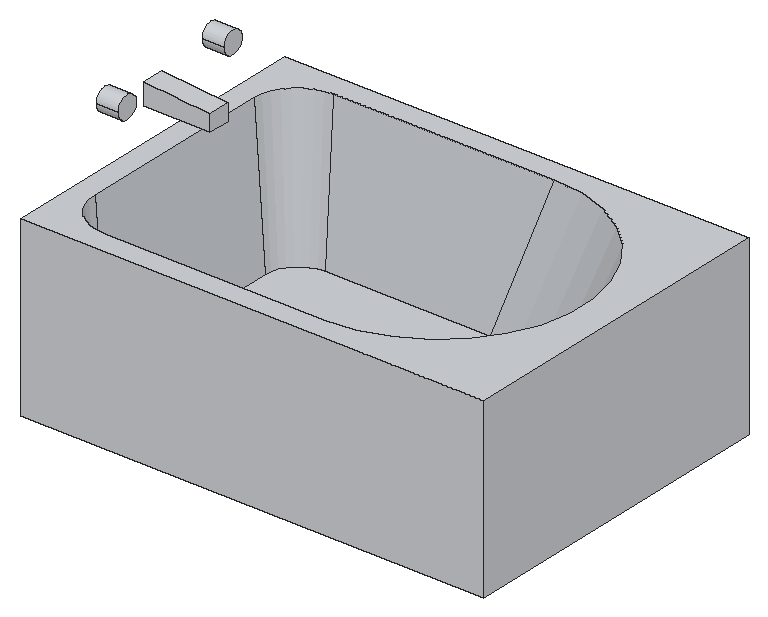
Revit family "86b3af3f718147829c719de8a55c1b5a", category Plumbing Fixtures, Revit 2021
Family settings
  Round Connector Dimension = Use Radius
  Part Type = Normal
  OmniClass Number = 23.45.05.14.21.11
  OmniClass Title = Bath/Shower Units
  Seek Item ID = Bath Tub-0000-USA-ENU
  Work Plane-Based = No
  Always vertical = Yes
  Cut with Voids When Loaded = No
  Shared = No
  Room Calculation Point = No
Parameters (values of type "42"x30" - Private")
  Sanitary Radius = 3/4"
  Sanitary Diameter = Sanitary Radius * 2  # 1 1/2"
  WFU = 2
  Radius 2 = (Bath Tub Width - 0' 3" - 0' 3") / 2  # 12"
  Radius 1 = (Bath Tub Width - 0' 2" - 0' 2") / 2  # 13"
  Hot Water Radius = 1/8"
  Hot Water Diameter = Hot Water Radius * 2  # 1/4"
  HWFU = 1
  Flow Pressure [instance] = 8.00 psi
  Faucet Material = none
  Default Elevation = 0' - 0"
  Cold Water Radius = 1/8"
  Cold Water Diameter = Cold Water Radius * 2  # 1/4"
  CWFU = 1
  Bath Tub Width = 30"
  Bath Tub Material = none
  Bath Tub Length = 42"
  Bath Tub Height = 16"
Types (15): name | Radius 2 | Radius 1 | HWFU | CWFU | Bath Tub Width | Bath Tub Length
  (no name) | 12" | 13" | 1 | 1 | 30" | 42"
  42"x30" - Public | 12" | 13" | 3 | 3 | 30" | 42"
  48"x30" - Public | 12" | 13" | 3 | 3 | 30" | 48"
  54"x30" - Public | 12" | 13" | 3 | 3 | 30" | 54"
  60"x30" - Public | 12" | 13" | 3 | 3 | 30" | 60"
  54"x32" - Public | 13" | 14" | 3 | 3 | 32" | 54"
  60"x32" - Public | 13" | 14" | 3 | 3 | 32" | 60"
  66"x32" - Public | 13" | 14" | 3 | 3 | 32" | 66"
  42"x30" - Private | 12" | 13" | 1 | 1 | 30" | 42"
  48"x30" - Private | 12" | 13" | 1 | 1 | 30" | 48"
  54"x30" - Private | 12" | 13" | 1 | 1 | 30" | 54"
  54"x32" - Private | 13" | 14" | 1 | 1 | 32" | 54"
  60"x30" - Private | 12" | 13" | 1 | 1 | 30" | 60"
  60"x32" - Private | 13" | 14" | 1 | 1 | 32" | 60"
  66"x32" - Private | 13" | 14" | 1 | 1 | 32" | 66"
Reference planes (in)
  plane 1 "Center (Front/Back)": y = 0
  plane 2: z = 0
  plane 3 "Center (Left/Right)": x = 0
  plane 4: y = 30
  plane 5: x = 42
  plane 6: z = 16
  plane 7: x = 2
  plane 8: y = 28
  plane 9: y = 2
  plane 10: x = 39
  plane 11: x = 6
  plane 12: y = 24
  plane 13: y = 6
  plane 14: y = 15
  plane 15: x = 26
  plane 16: x = 3
  plane 17: y = 27
  plane 18: y = 3
  plane 19: x = 33
  plane 20: x = 21
  plane 21: z = 2
  plane 22: x = 0.5
  plane 23: y = 21
  plane 24: y = 9
  plane 25: x = 2.5
  plane 26: z = 22
  plane 27: z = 19
  plane 28: z = 21
  plane 29: x = 6
  plane 30: z = 20.5
  plane 31: y = 16
  plane 32: y = 14
  plane 33: x = 7
  plane 34: z = 10
  plane 35: y = 19
  plane 36: y = 11
Forms (in)
  Extrusion 1, solid, material <- "Bath Tub Material"
    sketch origin (0, 0, 0) x (1, 0, 0) y (0, 1, 0)
      loop
        line (0, 0) -> (42, 0) -> (42, 30) -> (0, 30) -> (0, 0)
    from 0 to 16
  Blend 2, void
    base sketch origin (0, 0, 0) x (1, 0, 0) y (0, 1, 0)
      loop
        arc (6, 28) -> (3.17157, 26.82843) -> (2, 24) r 4
        line (2, 24) -> (2, 6)
        arc (2, 6) -> (3.17157, 3.17157) -> (6, 2) r 4
        line (6, 2) -> (26, 2)
        arc (26, 2) -> (39, 15) -> (26, 28) r 13
        line (26, 28) -> (6, 28)
    top sketch origin (0, 0, 0) x (1, 0, 0) y (0, 1, 0)
      loop
        arc (6, 27) -> (3.87868, 26.12132) -> (3, 24) r 3
        line (3, 24) -> (3, 6)
        arc (3, 6) -> (3.87868, 3.87868) -> (6, 3) r 3
        line (6, 3) -> (21, 3)
        arc (21, 3) -> (33, 15) -> (21, 27) r 12
        line (21, 27) -> (6, 27)
    from 16 to 2
  Extrusion 3, solid, material <- "Faucet Material", detail levels fine
    sketch origin (0, 0, 0) x (0, 1, 0) y (0, 0, 1)
      loop
        circle (21, 22) r 1
      loop
        circle (9, 22) r 1
    from 0.5 to 2.5
  Extrusion 4, solid, material <- "Faucet Material", detail levels fine
    sketch origin (0, 0, 0) x (1, 0, 0) y (0, 0, 1)
      loop
        line (0, 21) -> (0, 19) -> (6, 19) -> (6, 20.5) -> (0, 21)
    from -16 to -14
  Extrusion 5, void
    sketch origin (0, 0, 0) x (1, 0, 0) y (0, 1, 0)
      loop
        circle (7, 15) r 1.75
    from 0 to 2
  Extrusion 6, solid, material <- "Bath Tub Material"
    sketch origin (0, 0, 0) x (0, 1, 0) y (0, 0, 1)
      loop
        circle (19, 10) r 0.75
      loop
        circle (11, 10) r 0.75
    from 0 to 2
  Extrusion 7, solid, material <- "Bath Tub Material"
    sketch origin (0, 0, 0) x (1, 0, 0) y (0, 1, 0)
      loop
        circle (7, 15) r 1.75
    from 0 to 2
Cuts and joins
  Blend 2, Extrusion 5 cuts Extrusion 1
  joined: Extrusion 1, Extrusion 6
Dimensions and locks (in)
  "Bath Tub Width": plane 1 "Center (Front/Back)" to plane 4
  "Bath Tub Length": plane 3 "Center (Left/Right)" to plane 5
  "Bath Tub Height": plane 2 to plane 6
  plane 3 "Center (Left/Right)" to plane 7 = 0' - 2"
  locked: plane 1 "Center (Front/Back)" to plane 9 at 2
  locked: plane 4 to plane 8 at 2
  locked: plane 10 to plane 5 at 3
  locked: plane 7 to plane 11 at 4
  locked: plane 8 to plane 12 at 4
  locked: plane 13 to plane 9 at 4
  equal spacing: plane 4, plane 14, plane 1 "Center (Front/Back)"
  "Radius 1": plane 15 to plane 10
  locked: plane 3 "Center (Left/Right)" to plane 16 at 3
  locked: plane 4 to plane 17 at 3
  locked: plane 1 "Center (Front/Back)" to plane 18 at 3
  locked: plane 19 to plane 5 at 9
  "Radius 2": plane 20 to plane 19
  locked: plane 2 to plane 21 at 2
  locked: plane 3 "Center (Left/Right)" to plane 22 at 0.5
  locked: plane 23 to plane 14 at 6
  locked: plane 14 to plane 24 at 6
  locked: plane 22 to plane 25 at 2
  locked: plane 26 to plane 6 at 6
  locked: plane 27 to plane 6 at 3
  locked: plane 28 to plane 27 at 2
  locked: plane 29 to plane 3 "Center (Left/Right)" at 6
  locked: plane 30 to plane 27 at 1.5
  locked: plane 31 to plane 14 at 1
  locked: plane 14 to plane 32 at 1
  locked: plane 3 "Center (Left/Right)" to plane 33 at 7
  locked: plane 34 to plane 2 at 10
  locked: plane 35 to plane 14 at 4
  locked: plane 14 to plane 36 at 4
  radius of Extrusion 3 sketch curve = 0' - 1"  (x2)
  radius of Extrusion 5 sketch curve = 0' - 1 3/4"
  radius of Extrusion 7 sketch curve = 0' - 1 3/4"
  aligned and locked: plane 3 "Center (Left/Right)" to Extrusion 1 sketch curve
  aligned and locked: plane 1 "Center (Front/Back)" to Extrusion 1 sketch curve
  aligned and locked: plane 4 to Extrusion 1 sketch curve
  aligned and locked: plane 5 to Extrusion 1 sketch curve
  aligned and locked: plane 6 to Extrusion 1
  aligned and locked: Extrusion 1 to plane 2
  aligned and locked: plane 6 to cut or joined group of Extrusion 1, Blend 2, Extrusion 5, Extrusion 6
  aligned and locked: cut or joined group of Extrusion 1, Blend 2, Extrusion 5, Extrusion 6 to plane 21
  aligned and locked: Extrusion 3 to plane 22
  aligned and locked: Extrusion 3 to plane 25
  aligned and locked: Extrusion 4 sketch curve to plane 3 "Center (Left/Right)"
  aligned and locked: plane 28 to Extrusion 4 sketch curve
  aligned and locked: plane 27 to Extrusion 4 sketch curve
  aligned and locked: Extrusion 4 sketch curve to plane 29
  aligned and locked: plane 30 to Extrusion 4 sketch curve
  aligned and locked: plane 29 to Extrusion 4 sketch curve
  aligned and locked: Extrusion 4 sketch curve to Extrusion 4 sketch curve
  aligned and locked: plane 3 "Center (Left/Right)" to Extrusion 4 sketch curve
  aligned and locked: plane 31 to Extrusion 4
  aligned and locked: Extrusion 4 to plane 32
  aligned and locked: plane 14 to Extrusion 5 sketch curve
  aligned and locked: plane 33 to Extrusion 5 sketch curve
  aligned and locked: plane 21 to Extrusion 5
  aligned and locked: Extrusion 5 to plane 2
  aligned and locked: Extrusion 6 to plane 3 "Center (Left/Right)"
  aligned and locked: plane 7 to Extrusion 6
  aligned and locked: plane 14 to Extrusion 7 sketch curve
  aligned and locked: plane 33 to Extrusion 7 sketch curve
  aligned and locked: plane 2 to Extrusion 7
  aligned and locked: plane 21 to Extrusion 7
Automatic sketch dimensions
  Blend 2 sketch curve to plane 11 = 0' - 0"  (x4)
  Blend 2 sketch curve to plane 15 = 0' - 0"
  Extrusion 3 sketch curve to plane 24 = 0' - 0"
  Extrusion 3 sketch curve to plane 23 = 0' - 0"
  Extrusion 3 sketch curve to plane 26 = 0' - 0"  (x2)
  Extrusion 6 sketch curve to plane 34 = 0' - 0"  (x2)
  Extrusion 6 sketch curve to plane 36 = 0' - 0"
  Extrusion 6 sketch curve to plane 35 = 0' - 0"
  Blend 2 sketch curve to plane 7 = 0' - 0"
  Blend 2 sketch curve to plane 9 = 0' - 0"
  Blend 2 sketch curve to plane 14 = 0' - 0"
  Blend 2 sketch curve to plane 13 = 0' - 0"
  Blend 2 sketch curve to plane 16 = 0' - 0"
  Blend 2 sketch curve to plane 17 = 0' - 0"
  Blend 2 sketch curve to plane 20 = 0' - 0"
  radius of Extrusion 6 sketch curve = 0' - 0 3/4"  (x2)
Connectors (in)
  piping at (0, 19, 10), diameter 0.25, driven by "CWFU", driven by "Cold Water Radius", driven by "Flow Pressure"
    settings: on Extrusion 6, index 1, connector inside diameter 1/4", connector length 0' - 0", flow factor 0, pipe flow 0 GPM, pressure drop 8.00 psi, fitting loss kfactor 0, connector angle 0.00°, fixture units 1, engagement length 0' - 0", angle of deflection 0.00°, flow configuration 3, flow direction 1, fitting loss method 4, system type 20, joint type 0, gender type 0, connector reference index -1, connector utility 0, adjustable connector no, is connector primary yes, connector description "In"
  piping at (0, 11, 10), diameter 0.25, driven by "Hot Water Radius", driven by "HWFU", driven by "Flow Pressure"
    settings: on Extrusion 6, index 2, connector inside diameter 1/4", connector length 0' - 0", flow factor 0, pipe flow 0 GPM, pressure drop 8.00 psi, fitting loss kfactor 0, connector angle 0.00°, fixture units 1, engagement length 0' - 0", angle of deflection 0.00°, flow configuration 3, flow direction 1, fitting loss method 4, system type 19, joint type 0, gender type 0, connector reference index -1, connector utility 0, adjustable connector no, is connector primary no, connector description "In"
  piping at (7, 15, 0), diameter 1.5, driven by "WFU", driven by "Sanitary Radius"
    settings: on cut or joined group of Extrusion 1, Blend 2, Extrusion 5, Extrusion 6, index 3, connector inside diameter 1 1/2", connector length 0' - 0", flow factor 0, pipe flow 0 GPM, pressure drop 0.00 psi, fitting loss kfactor 0, connector angle 0.00°, fixture units 2, engagement length 0' - 0", angle of deflection 0.00°, flow configuration 3, flow direction 2, fitting loss method 0, system type 16, joint type 0, gender type 0, connector reference index -1, connector utility 0, adjustable connector no, is connector primary no, connector description "Out"
